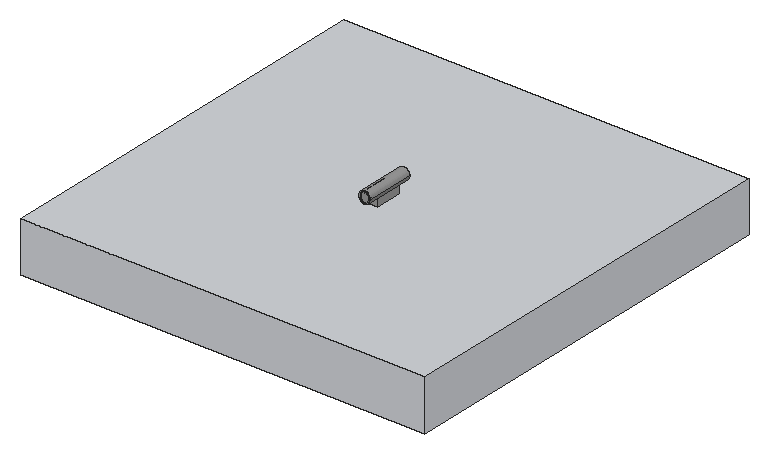
Revit family "LAMP_LUP WALL 70 DIRECT", category Luminarias, Revit 2018 (continued)
Types (2, lengths in mm): name | built-in parameter 1150107 | Product datasheet | Product code | built-in parameter 1150142 | built-in parameter 1150105 | built-in parameter 1150106 | Lumens | built-in parameter 1150104 | Efficacy | Archivo de red fotométrica
    .00 0.00 0.00 \r\n0.00 0.00 0.00 0.00 0.00 0.00 0.00 0.00 0.00 0.00 0.00 \r\n0.00 0.00 0.00 \r\n482.70 550.54 606.68 657.92 708.34 747.42 772.65 779.99 \r\n776.78 763.78 738.47 706.19 667.78 617.44 573.02 537.01 \r\n506.10 478.14 451.42 412.02 360.74 297.18 213.59 141.60 \r\n83.66 53.96 36.16 29.50 26.23 22.85 19.20 15.40 12.11 \r\n9.43 7.38 5.74 4.46 3.54 2.73 2.01 1.43 0.95 0.58 0.34 \r\n0.20 0.00 0.00 0.00 0.00 0.00 0.00 0.00 0.00 0.00 0.00 \r\n0.00 0.00 0.00 0.00 0.00 0.00 0.00 0.00 0.00 0.00 0.00 \r\n0.00 0.00 0.00 0.00 0.00 0.00 0.00 0.00 0.00 0.00 0.00 \r\n0.00 0.00 0.00 0.00 0.00 0.00 0.00 0.00 0.00 0.00 0.00 \r\n0.00 0.00 0.00 \r\n482.70 547.40 600.46 648.46 693.88 728.56 752.05 756.91 \r\n751.90 737.09 712.61 682.25 644.97 598.04 557.32 523.50 \r\n494.86 468.20 442.38 400.77 348.05 283.87 201.20 131.62 \r\n77.32 50.94 35.09 28.99 25.57 22.13 18.46 14.73 11.58 \r\n9.05 7.15 5.60 4.36 3.48 2.69 1.97 1.41 0.94 0.57 0.34 \r\n0.19 0.00 0.00 0.00 0.00 0.00 0.00 0.00 0.00 0.00 0.00 \r\n0.00 0.00 0.00 0.00 0.00 0.00 0.00 0.00 0.00 0.00 0.00 \r\n0.00 0.00 0.00 0.00 0.00 0.00 0.00 0.00 0.00 0.00 0.00 \r\n0.00 0.00 0.00 0.00 0.00 0.00 0.00 0.00 0.00 0.00 0.00 \r\n0.00 0.00 0.00 \r\n482.70 544.18 594.15 638.97 679.20 709.39 729.72 733.54 \r\n727.35 711.82 687.12 657.00 621.88 578.90 541.00 509.99 \r\n483.82 458.38 432.60 389.50 335.35 270.40 188.81 121.65 \r\n71.19 47.84 34.06 28.38 24.91 21.41 17.71 14.07 11.04 \r\n8.64 6.91 5.46 4.29 3.42 2.65 1.95 1.39 0.93 0.56 0.33 \r\n0.19 0.00 0.00 0.00 0.00 0.00 0.00 0.00 0.00 0.00 0.00 \r\n0.00 0.00 0.00 0.00 0.00 0.00 0.00 0.00 0.00 0.00 0.00 \r\n0.00 0.00 0.00 0.00 0.00 0.00 0.00 0.00 0.00 0.00 0.00 \r\n0.00 0.00 0.00 0.00 0.00 0.00 0.00 0.00 0.00 0.00 0.00 \r\n0.00 0.00 0.00 \r\n482.70 540.88 587.78 629.47 664.53 690.30 707.14 709.77 \r\n702.42 685.72 661.51 632.53 599.53 559.72 525.12 496.83 \r\n472.78 448.56 422.54 378.26 322.63 256.20 176.38 111.57 \r\n64.48 44.75 33.01 27.76 24.25 20.69 16.97 13.41 10.51 \r\n8.32 6.68 5.32 4.19 3.36 2.60 1.93 1.37 0.92 0.56 0.33 \r\n0.19 0.00 0.00 0.00 0.00 0.00 0.00 0.00 0.00 0.00 0.00 \r\n0.00 0.00 0.00 0.00 0.00 0.00 0.00 0.00 0.00 0.00 0.00 \r\n0.00 0.00 0.00 0.00 0.00 0.00 0.00 0.00 0.00 0.00 0.00 \r\n0.00 0.00 0.00 0.00 0.00 0.00 0.00 0.00 0.00 0.00 0.00 \r\n0.00 0.00 0.00 \r\n482.70 537.52 581.32 619.94 649.91 671.33 685.39 686.58 \r\n677.96 660.33 635.83 607.90 576.17 540.07 508.83 483.13 \r\n461.40 438.62 413.22 367.08 309.82 242.60 164.02 101.60 \r\n57.91 41.64 31.98 27.15 23.59 19.97 16.23 12.76 9.98 7.93 \r\n6.44 5.18 4.12 3.30 2.56 1.88 1.35 0.90 0.56 0.32 0.19 \r\n0.00 0.00 0.00 0.00 0.00 0.00 0.00 0.00 0.00 0.00 0.00 \r\n0.00 0.00 0.00 0.00 0.00 0.00 0.00 0.00 0.00 0.00 0.00 \r\n0.00 0.00 0.00 0.00 0.00 0.00 0.00 0.00 0.00 0.00 0.00 \r\n0.00 0.00 0.00 0.00 0.00 0.00 0.00 0.00 0.00 0.00 0.00 \r\n0.00 0.00 \r\n482.70 534.12 574.81 610.19 635.33 654.03 665.37 665.40 \r\n655.20 637.42 613.56 586.00 556.13 523.12 494.55 471.12 \r\n450.83 428.97 403.91 355.76 297.14 229.11 151.99 92.02 \r\n51.66 38.76 30.95 26.52 22.91 19.25 15.49 12.11 9.47 7.58 \r\n6.22 5.05 4.03 3.24 2.52 1.86 1.34 0.90 0.56 0.32 0.19 \r\n0.00 0.00 0.00 0.00 0.00 0.00 0.00 0.00 0.00 0.00 0.00 \r\n0.00 0.00 0.00 0.00 0.00 0.00 0.00 0.00 0.00 0.00 0.00 \r\n0.00 0.00 0.00 0.00 0.00 0.00 0.00 0.00 0.00 0.00 0.00 \r\n0.00 0.00 0.00 0.00 0.00 0.00 0.00 0.00 0.00 0.00 0.00 \r\n0.00 0.00 \r\n482.70 530.69 568.25 600.22 622.39 638.44 647.24 645.62 \r\n635.35 618.02 595.30 569.77 541.84 511.18 484.66 462.31 \r\n442.41 419.85 392.46 343.32 284.48 217.06 142.64 86.02 \r\n49.18 37.38 30.07 25.66 22.06 18.48 14.85 11.66 9.17 7.40 \r\n6.09 4.95 3.96 3.19 2.49 1.85 1.33 0.89 0.56 0.32 0.19 \r\n0.00 0.00 0.00 0.00 0.00 0.00 0.00 0.00 0.00 0.00 0.00 \r\n0.00 0.00 0.00 0.00 0.00 0.00 0.00 0.00 0.00 0.00 0.00 \r\n0.00 0.00 0.00 0.00 0.00 0.00 0.00 0.00 0.00 0.00 0.00 \r\n0.00 0.00 0.00 0.00 0.00 0.00 0.00 0.00 0.00 0.00 0.00 \r\n0.00 0.00 \r\n482.70 527.23 561.63 590.27 609.70 623.11 630.24 626.87 \r\n616.71 600.25 579.20 555.84 529.96 501.49 476.31 454.96 \r\n434.61 410.84 382.10 331.05 271.61 205.03 133.73 80.48 \r\n47.06 36.14 29.19 24.72 21.20 17.69 14.23 11.23 8.89 7.22 \r\n5.97 4.87 3.91 3.14 2.45 1.83 1.32 0.89 0.56 0.32 0.19 \r\n0.00 0.00 0.00 0.00 0.00 0.00 0.00 0.00 0.00 0.00 0.00 \r\n0.00 0.00 0.00 0.00 0.00 0.00 0.00 0.00 0.00 0.00 0.00 \r\n0.00 0.00 0.00 0.00 0.00 0.00 0.00 0.00 0.00 0.00 0.00 \r\n0.00 0.00 0.00 0.00 0.00 0.00 0.00 0.00 0.00 0.00 0.00 \r\n0.00 0.00 \r\n482.70 523.73 554.92 580.35 597.15 608.06 612.91 608.29 \r\n598.41 583.34 564.00 542.07 518.24 491.55 467.82 447.29 \r\n426.67 401.87 370.86 318.59 258.74 193.09 125.07 75.08 \r\n44.70 34.90 28.31 23.86 20.32 16.91 13.58 10.79 8.61 7.03 \r\n5.84 4.77 3.84 3.10 2.42 1.80 1.31 0.89 0.55 0.32 0.19 \r\n0.00 0.00 0.00 0.00 0.00 0.00 0.00 0.00 0.00 0.00 0.00 \r\n0.00 0.00 0.00 0.00 0.00 0.00 0.00 0.00 0.00 0.00 0.00 \r\n0.00 0.00 0.00 0.00 0.00 0.00 0.00 0.00 0.00 0.00 0.00 \r\n0.00 0.00 0.00 0.00 0.00 0.00 0.00 0.00 0.00 0.00 0.00 \r\n0.00 0.00 \r\n482.70 520.19 548.17 570.51 584.75 593.06 595.41 590.19 \r\n580.33 565.97 548.50 528.81 506.76 481.72 459.38 439.67 \r\n418.90 392.87 360.39 306.26 246.06 181.09 116.13 69.71 \r\n42.24 33.68 27.43 22.98 19.45 16.12 12.97 10.36 8.34 6.88 \r\n5.71 4.68 3.76 3.05 2.39 1.77 1.30 0.89 0.54 0.32 0.19 \r\n0.00 0.00 0.00 0.00 0.00 0.00 0.00 0.00 0.00 0.00 0.00 \r\n0.00 0.00 0.00 0.00 0.00 0.00 0.00 0.00 0.00 0.00 0.00 \r\n0.00 0.00 0.00 0.00 0.00 0.00 0.00 0.00 0.00 0.00 0.00 \r\n0.00 0.00 0.00 0.00 0.00 0.00 0.00 0.00 0.00 0.00 0.00 \r\n0.00 0.00 \r\n482.70 516.64 541.40 560.71 572.44 578.11 578.38 572.03 \r\n561.73 549.23 533.10 515.03 495.06 472.15 451.05 432.07 \r\n410.99 383.88 348.95 293.83 233.11 169.10 107.29 64.17 \r\n40.90 32.45 26.56 22.06 18.58 15.34 12.33 9.93 8.07 6.71 \r\n5.59 4.59 3.71 3.00 2.36 1.76 1.29 0.88 0.54 0.32 0.19 \r\n0.00 0.00 0.00 0.00 0.00 0.00 0.00 0.00 0.00 0.00 0.00 \r\n0.00 0.00 0.00 0.00 0.00 0.00 0.00 0.00 0.00 0.00 0.00 \r\n0.00 0.00 0.00 0.00 0.00 0.00 0.00 0.00 0.00 0.00 0.00 \r\n0.00 0.00 0.00 0.00 0.00 0.00 0.00 0.00 0.00 0.00 0.00 \r\n0.00 0.00 \r\n482.70 513.05 534.62 550.98 560.10 563.31 561.55 553.81 \r\n544.03 531.80 517.69 501.45 483.27 462.43 442.63 424.57 \r\n403.16 374.92 339.24 281.45 220.43 157.20 98.48 58.72 \r\n38.33 31.22 25.67 21.20 17.72 14.55 11.69 9.50 7.79 6.52 \r\n5.46 4.50 3.65 2.95 2.32 1.75 1.28 0.88 0.53 0.32 0.19 \r\n0.00 0.00 0.00 0.00 0.00 0.00 0.00 0.00 0.00 0.00 0.00 \r\n0.00 0.00 0.00 0.00 0.00 0.00 0.00 0.00 0.00 0.00 0.00 \r\n0.00 0.00 0.00 0.00 0.00 0.00 0.00 0.00 0.00 0.00 0.00 \r\n0.00 0.00 0.00 0.00 0.00 0.00 0.00 0.00 0.00 0.00 0.00 \r\n0.00 0.00 \r\n482.70 509.42 527.83 541.28 547.81 548.69 545.01 536.11 \r\n526.08 515.12 501.95 487.87 471.39 452.41 433.90 416.77 \r\n395.35 365.64 327.02 268.91 207.61 145.19 89.52 53.28 \r\n36.57 30.00 24.81 20.30 16.83 13.77 11.10 9.07 7.52 6.37 \r\n5.34 4.41 3.59 2.90 2.29 1.73 1.28 0.88 0.53 0.32 0.19 \r\n0.00 0.00 0.00 0.00 0.00 0.00 0.00 0.00 0.00 0.00 0.00 \r\n0.00 0.00 0.00 0.00 0.00 0.00 0.00 0.00 0.00 0.00 0.00 \r\n0.00 0.00 0.00 0.00 0.00 0.00 0.00 0.00 0.00 0.00 0.00 \r\n0.00 0.00 0.00 0.00 0.00 0.00 0.00 0.00 0.00 0.00 0.00 \r\n0.00 0.00 \r\n482.70 505.73 521.04 531.54 535.61 534.42 528.88 519.65 \r\n508.97 498.70 486.77 473.17 458.76 440.36 423.48 406.11 \r\n384.21 353.93 314.26 255.88 195.05 134.30 82.58 49.19 \r\n34.41 28.78 23.84 19.36 16.07 13.14 10.60 8.75 7.30 6.21 \r\n5.22 4.32 3.51 2.86 2.26 1.71 1.27 0.87 0.54 0.32 0.19 \r\n0.00 0.00 0.00 0.00 0.00 0.00 0.00 0.00 0.00 0.00 0.00 \r\n0.00 0.00 0.00 0.00 0.00 0.00 0.00 0.00 0.00 0.00 0.00 \r\n0.00 0.00 0.00 0.00 0.00 0.00 0.00 0.00 0.00 0.00 0.00 \r\n0.00 0.00 0.00 0.00 0.00 0.00 0.00 0.00 0.00 0.00 0.00 \r\n0.00 0.00 \r\n482.70 502.02 514.25 521.84 523.45 520.39 513.52 503.75 \r\n493.16 482.85 471.22 458.35 444.08 426.98 410.21 393.08 \r\n370.18 339.13 300.12 241.60 182.96 125.34 77.21 46.60 \r\n33.37 27.54 22.78 18.56 15.40 12.66 10.25 8.53 7.13 6.07 \r\n5.11 4.24 3.44 2.81 2.23 1.70 1.26 0.87 0.54 0.32 0.18 \r\n0.00 0.00 0.00 0.00 0.00 0.00 0.00 0.00 0.00 0.00 0.00 \r\n0.00 0.00 0.00 0.00 0.00 0.00 0.00 0.00 0.00 0.00 0.00 \r\n0.00 0.00 0.00 0.00 0.00 0.00 0.00 0.00 0.00 0.00 0.00 \r\n0.00 0.00 0.00 0.00 0.00 0.00 0.00 0.00 0.00 0.00 0.00 \r\n0.00 0.00 \r\n482.70 498.29 507.46 512.18 511.23 506.61 498.56 488.09 \r\n477.79 467.09 455.74 443.40 429.41 413.28 396.86 380.11 \r\n356.08 324.27 283.80 227.29 170.67 115.37 71.86 43.98 \r\n31.69 26.31 21.74 17.68 14.72 12.18 9.98 8.31 6.97 5.94 \r\n5.00 4.14 3.36 2.76 2.20 1.68 1.26 0.87 0.54 0.32 0.18 \r\n0.00 0.00 0.00 0.00 0.00 0.00 0.00 0.00 0.00 0.00 0.00 \r\n0.00 0.00 0.00 0.00 0.00 0.00 0.00 0.00 0.00 0.00 0.00 \r\n0.00 0.00 0.00 0.00 0.00 0.00 0.00 0.00 0.00 0.00 0.00 \r\n0.00 0.00 0.00 0.00 0.00 0.00 0.00 0.00 0.00 0.00 0.00 \r\n0.00 0.00 \r\n482.70 494.56 500.67 502.56 499.10 492.57 483.80 472.74 \r\n461.99 451.47 440.39 428.15 414.87 399.59 383.51 366.82 \r\n341.96 309.38 268.21 213.31 158.35 105.60 66.65 41.40 \r\n29.98 25.08 20.69 16.77 14.05 11.70 9.67 8.09 6.82 5.80 \r\n4.88 4.05 3.30 2.72 2.17 1.66 1.25 0.87 0.55 0.31 0.17 \r\n0.00 0.00 0.00 0.00 0.00 0.00 0.00 0.00 0.00 0.00 0.00 \r\n0.00 0.00 0.00 0.00 0.00 0.00 0.00 0.00 0.00 0.00 0.00 \r\n0.00 0.00 0.00 0.00 0.00 0.00 0.00 0.00 0.00 0.00 0.00 \r\n0.00 0.00 0.00 0.00 0.00 0.00 0.00 0.00 0.00 0.00 0.00 \r\n0.00 0.00 \r\n482.70 490.82 493.79 492.98 487.06 478.68 468.57 457.40 \r\n446.59 435.83 424.77 413.03 400.40 385.85 370.16 353.22 \r\n327.81 294.55 253.06 199.16 146.32 96.83 61.35 38.83 \r\n28.78 23.85 19.64 15.84 13.38 11.22 9.37 7.87 6.66 5.67 \r\n4.77 3.96 3.24 2.67 2.14 1.65 1.24 0.88 0.55 0.31 0.17 \r\n0.00 0.00 0.00 0.00 0.00 0.00 0.00 0.00 0.00 0.00 0.00 \r\n0.00 0.00 0.00 0.00 0.00 0.00 0.00 0.00 0.00 0.00 0.00 \r\n0.00 0.00 0.00 0.00 0.00 0.00 0.00 0.00 0.00 0.00 0.00 \r\n0.00 0.00 0.00 0.00 0.00 0.00 0.00 0.00 0.00 0.00 0.00 \r\n0.00 0.00 \r\n482.70 487.07 486.94 483.29 475.10 464.96 453.59 441.96 \r\n430.83 420.15 409.33 398.00 385.92 372.04 356.85 339.73 \r\n313.65 279.73 238.07 185.04 134.11 87.66 56.06 36.24 \r\n27.39 22.62 18.59 14.99 12.72 10.74 9.06 7.66 6.49 5.53 \r\n4.66 3.87 3.17 2.62 2.11 1.63 1.24 0.88 0.55 0.31 0.16 \r\n0.00 0.00 0.00 0.00 0.00 0.00 0.00 0.00 0.00 0.00 0.00 \r\n0.00 0.00 0.00 0.00 0.00 0.00 0.00 0.00 0.00 0.00 0.00 \r\n0.00 0.00 0.00 0.00 0.00 0.00 0.00 0.00 0.00 0.00 0.00 \r\n0.00 0.00 0.00 0.00 0.00 0.00 0.00 0.00 0.00 0.00 0.00 \r\n0.00 0.00 \r\n482.70 483.33 480.10 473.58 462.93 451.07 438.61 426.57 \r\n415.39 404.56 393.86 382.84 371.32 358.27 343.57 326.31 \r\n299.51 264.87 222.88 170.91 121.97 78.34 50.73 33.64 \r\n25.91 21.39 17.53 14.14 12.04 10.26 8.74 7.44 6.33 5.40 \r\n4.54 3.77 3.10 2.57 2.08 1.61 1.23 0.88 0.55 0.31 0.16 \r\n0.00 0.00 0.00 0.00 0.00 0.00 0.00 0.00 0.00 0.00 0.00 \r\n0.00 0.00 0.00 0.00 0.00 0.00 0.00 0.00 0.00 0.00 0.00 \r\n0.00 0.00 0.00 0.00 0.00 0.00 0.00 0.00 0.00 0.00 0.00 \r\n0.00 0.00 0.00 0.00 0.00 0.00 0.00 0.00 0.00 0.00 0.00 \r\n0.00 0.00 \r\n482.70 479.59 473.27 463.92 450.86 437.16 423.39 410.08 \r\n397.93 386.84 375.98 365.03 353.80 341.11 326.81 309.80 \r\n282.52 247.82 206.34 156.25 109.92 69.60 45.80 31.21 \r\n24.49 20.17 16.50 13.31 11.41 9.81 8.44 7.22 6.16 5.26 \r\n4.43 3.68 3.03 2.53 2.05 1.59 1.23 0.88 0.55 0.31 0.16 \r\n0.00 0.00 0.00 0.00 0.00 0.00 0.00 0.00 0.00 0.00 0.00 \r\n0.00 0.00 0.00 0.00 0.00 0.00 0.00 0.00 0.00 0.00 0.00 \r\n0.00 0.00 0.00 0.00 0.00 0.00 0.00 0.00 0.00 0.00 0.00 \r\n0.00 0.00 0.00 0.00 0.00 0.00 0.00 0.00 0.00 0.00 0.00 \r\n0.00 0.00 \r\n482.70 475.86 466.49 454.32 438.89 423.37 408.34 393.79 \r\n380.67 368.84 357.15 345.41 333.40 319.75 304.73 287.38 \r\n260.04 226.48 187.45 141.66 99.89 64.06 42.90 29.74 23.46 \r\n19.30 15.80 12.82 11.06 9.55 8.25 7.06 6.03 5.14 4.33 \r\n3.61 2.98 2.49 2.03 1.59 1.24 0.89 0.56 0.31 0.17 0.00 \r\n0.00 0.00 0.00 0.00 0.00 0.00 0.00 0.00 0.00 0.00 0.00 \r\n0.00 0.00 0.00 0.00 0.00 0.00 0.00 0.00 0.00 0.00 0.00 \r\n0.00 0.00 0.00 0.00 0.00 0.00 0.00 0.00 0.00 0.00 0.00 \r\n0.00 0.00 0.00 0.00 0.00 0.00 0.00 0.00 0.00 0.00 0.00 \r\n0.00 \r\n482.70 472.14 459.73 444.78 427.01 409.65 393.16 377.10 \r\n362.57 349.56 336.76 323.90 310.71 295.81 279.91 262.32 \r\n235.72 204.17 168.30 127.48 90.59 59.23 40.45 28.51 22.52 \r\n18.55 15.22 12.41 10.78 9.35 8.08 6.91 5.90 5.03 4.25 \r\n3.55 2.94 2.46 2.01 1.59 1.25 0.90 0.57 0.31 0.17 0.00 \r\n0.00 0.00 0.00 0.00 0.00 0.00 0.00 0.00 0.00 0.00 0.00 \r\n0.00 0.00 0.00 0.00 0.00 0.00 0.00 0.00 0.00 0.00 0.00 \r\n0.00 0.00 0.00 0.00 0.00 0.00 0.00 0.00 0.00 0.00 0.00 \r\n0.00 0.00 0.00 0.00 0.00 0.00 0.00 0.00 0.00 0.00 0.00 \r\n0.00 \r\n482.70 468.43 453.00 435.27 415.13 395.97 377.98 360.46 \r\n344.62 330.37 316.37 302.33 287.97 271.87 255.10 237.34 \r\n211.40 181.83 149.15 113.29 81.30 54.29 38.00 27.28 21.55 \r\n17.79 14.64 12.00 10.49 9.13 7.91 6.77 5.77 4.91 4.17 \r\n3.50 2.89 2.43 1.99 1.59 1.25 0.91 0.57 0.32 0.17 0.00 \r\n0.00 0.00 0.00 0.00 0.00 0.00 0.00 0.00 0.00 0.00 0.00 \r\n0.00 0.00 0.00 0.00 0.00 0.00 0.00 0.00 0.00 0.00 0.00 \r\n0.00 0.00 0.00 0.00 0.00 0.00 0.00 0.00 0.00 0.00 0.00 \r\n0.00 0.00 0.00 0.00 0.00 0.00 0.00 0.00 0.00 0.00 0.00 \r\n0.00 \r\n482.70 464.74 446.31 425.79 403.34 382.39 362.92 343.80 \r\n326.54 311.15 296.03 280.81 265.25 247.90 230.29 212.45 \r\n187.07 159.54 130.07 99.10 72.01 49.19 35.55 26.03 20.54 \r\n17.03 14.07 11.66 10.21 8.92 7.75 6.62 5.64 4.79 4.09 \r\n3.43 2.85 2.40 1.97 1.59 1.26 0.92 0.58 0.32 0.17 0.00 \r\n0.00 0.00 0.00 0.00 0.00 0.00 0.00 0.00 0.00 0.00 0.00 \r\n0.00 0.00 0.00 0.00 0.00 0.00 0.00 0.00 0.00 0.00 0.00 \r\n0.00 0.00 0.00 0.00 0.00 0.00 0.00 0.00 0.00 0.00 0.00 \r\n0.00 0.00 0.00 0.00 0.00 0.00 0.00 0.00 0.00 0.00 0.00 \r\n0.00 \r\n482.70 461.08 439.79 416.38 391.66 368.89 347.70 327.10 \r\n308.56 291.93 275.63 259.30 242.56 223.93 205.46 187.26 \r\n162.72 137.25 110.98 84.95 62.75 44.71 33.08 24.79 19.68 \r\n16.27 13.49 11.30 9.92 8.71 7.58 6.47 5.50 4.69 4.01 3.38 \r\n2.81 2.37 1.96 1.58 1.27 0.94 0.59 0.33 0.17 0.00 0.00 \r\n0.00 0.00 0.00 0.00 0.00 0.00 0.00 0.00 0.00 0.00 0.00 \r\n0.00 0.00 0.00 0.00 0.00 0.00 0.00 0.00 0.00 0.00 0.00 \r\n0.00 0.00 0.00 0.00 0.00 0.00 0.00 0.00 0.00 0.00 0.00 \r\n0.00 0.00 0.00 0.00 0.00 0.00 0.00 0.00 0.00 0.00 0.00 \r\n482.70 457.43 433.31 407.08 380.07 355.48 332.54 310.54 \r\n290.50 272.73 255.27 237.76 219.93 199.97 180.62 161.76 \r\n138.37 114.93 91.75 70.79 53.48 40.19 30.64 23.56 18.80 \r\n15.51 12.91 10.91 9.64 8.50 7.43 6.33 5.38 4.58 3.92 3.32 \r\n2.77 2.34 1.94 1.58 1.28 0.95 0.60 0.33 0.18 0.00 0.00 \r\n0.00 0.00 0.00 0.00 0.00 0.00 0.00 0.00 0.00 0.00 0.00 \r\n0.00 0.00 0.00 0.00 0.00 0.00 0.00 0.00 0.00 0.00 0.00 \r\n0.00 0.00 0.00 0.00 0.00 0.00 0.00 0.00 0.00 0.00 0.00 \r\n0.00 0.00 0.00 0.00 0.00 0.00 0.00 0.00 0.00 0.00 0.00 \r\n482.70 453.81 426.89 397.88 368.93 342.18 317.58 294.18 \r\n272.50 253.92 234.91 216.80 197.37 176.72 155.79 136.93 \r\n114.36 92.62 73.05 56.55 44.23 35.41 28.19 22.32 17.79 \r\n14.75 12.33 10.47 9.36 8.29 7.25 6.18 5.24 4.47 3.83 3.26 \r\n2.74 2.31 1.92 1.59 1.29 0.96 0.60 0.33 0.18 0.00 0.00 \r\n0.00 0.00 0.00 0.00 0.00 0.00 0.00 0.00 0.00 0.00 0.00 \r\n0.00 0.00 0.00 0.00 0.00 0.00 0.00 0.00 0.00 0.00 0.00 \r\n0.00 0.00 0.00 0.00 0.00 0.00 0.00 0.00 0.00 0.00 0.00 \r\n0.00 0.00 0.00 0.00 0.00 0.00 0.00 0.00 0.00 0.00 0.00 \r\n482.70 450.22 420.51 388.79 358.01 328.96 303.20 277.98 \r\n255.73 235.36 216.40 196.78 178.29 156.70 137.83 118.97 \r\n97.84 79.12 61.56 48.42 38.90 32.59 26.59 21.47 17.22 \r\n14.26 11.95 10.25 9.16 8.13 7.11 6.06 5.14 4.39 3.77 3.21 \r\n2.71 2.29 1.91 1.59 1.30 0.97 0.61 0.34 0.18 0.00 0.00 \r\n0.00 0.00 0.00 0.00 0.00 0.00 0.00 0.00 0.00 0.00 0.00 \r\n0.00 0.00 0.00 0.00 0.00 0.00 0.00 0.00 0.00 0.00 0.00 \r\n0.00 0.00 0.00 0.00 0.00 0.00 0.00 0.00 0.00 0.00 0.00 \r\n0.00 0.00 0.00 0.00 0.00 0.00 0.00 0.00 0.00 0.00 0.00 \r\n482.70 446.78 414.19 380.15 347.24 316.32 288.94 262.61 \r\n239.17 218.23 198.42 179.33 160.85 141.85 124.40 108.23 \r\n89.77 72.82 57.62 46.20 37.55 31.60 25.90 20.97 16.86 \r\n14.02 11.77 10.11 9.04 8.01 7.00 5.96 5.07 4.33 3.72 3.17 \r\n2.67 2.27 1.92 1.61 1.32 0.99 0.61 0.34 0.18 0.00 0.00 \r\n0.00 0.00 0.00 0.00 0.00 0.00 0.00 0.00 0.00 0.00 0.00 \r\n0.00 0.00 0.00 0.00 0.00 0.00 0.00 0.00 0.00 0.00 0.00 \r\n0.00 0.00 0.00 0.00 0.00 0.00 0.00 0.00 0.00 0.00 0.00 \r\n0.00 0.00 0.00 0.00 0.00 0.00 0.00 0.00 0.00 0.00 0.00 \r\n482.70 443.42 407.92 371.74 336.63 303.91 274.81 247.41 \r\n222.95 201.06 180.88 161.93 144.05 127.14 111.73 97.44 \r\n81
